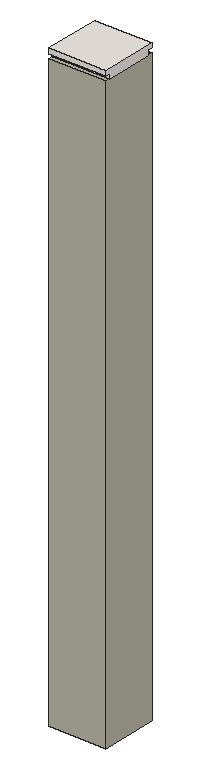
Revit family "f5844f0c4c224b90a00d78c3b3f6b384", category Furniture Systems, Revit 2021
Family settings
  Round Connector Dimension = Use Diameter
  Part Type = Normal
  OmniClass Number = 23.40.70.14.64.21
  OmniClass Title = Systems Furniture
  Work Plane-Based = No
  Always vertical = Yes
  Cut with Voids When Loaded = No
  Shared = No
  Room Calculation Point = No
Parameters (values of type "3" x 36"")
  Type Comments = "3\" x 36\" Square Transition Post"
  Thickness = 3"
  Panel Material [instance] = Fabric - Plaid Beige
  Model = ""
  Manufacturer = ""
  Height = 36"
  Edge Material [instance] = Metal - Paint Linen
  Description = ""
  Default Elevation = 0"
Types (3): name | Type Comments | Height
  3" x 42" | "3\" x 42\" Square Transition Post" | 42"
  3" x 60" | "3\" x 60\" Square Transition Post" | 60"
  3" x 36" | "3\" x 36\" Square Transition Post" | 36"
Reference planes (in)
  plane 1 "Center F/B": y = 0
  plane 2: z = 0
  plane 3 "Center L/R": x = 0
  plane 4 "Front": y = -1.5
  plane 5 "Left": x = -1.5
  plane 6 "Top": z = 36
  plane 7 "Bottom": z = 4
  plane 8: z = 35.5
  plane 9 "Right": x = 1.5
  plane 10: y = 1.5
  plane 11: z = 35.75
  plane 12: z = 0.25
Forms (in)
  Extrusion 1, solid, material "Fabric - Plaid Beige" <- "Panel Material"
    sketch origin (0, 0, 0) x (1, 0, 0) y (0, 1, 0)
      loop
        line (-1.5, 1.5) -> (-1.5, -1.5) -> (1.5, -1.5) -> (1.5, 1.5) -> (-1.5, 1.5)
    from 4 to 35.5
  Extrusion 2, solid, material "Metal - Paint Linen" <- "Edge Material"
    sketch origin (0, 0, 0) x (0, 1, 0) y (0, 0, 1)
      loop
        line (1.5, 36) -> (-1.5, 36) -> (-1.5, 35.75) -> (-1.25, 35.75) -> (-1.25, 35.5) -> (1.25, 35.5) -> (1.25, 35.75) -> (1.5, 35.75) -> (1.5, 36)
    from -1.5 to 1.5
Lines and regions (in)
  Masking region 1
    outline origin (0, 0, 0) x (1, 0, 0) y (0, 1, 0)
      loop
        line (-1.5, 1.5) -> (-1.5, -1.5) -> (1.5, -1.5) -> (1.5, 1.5) -> (-1.5, 1.5)
Dimensions and locks (in)
  "Thickness": plane 5 "Left" to plane 9 "Right"
  plane 7 "Bottom" to plane 2 = 4"
  "Height": plane 6 "Top" to plane 2
  locked: plane 6 "Top" to plane 8 at 0.5
  "Thickness": plane 10 to plane 4 "Front"
  equal spacing: plane 10, plane 1 "Center F/B", plane 4 "Front"
  equal spacing: plane 6 "Top", plane 11, plane 8
  locked: plane 10 to Extrusion 2 sketch curve at 0.25
  locked: Extrusion 2 sketch curve to plane 4 "Front" at 0.25
  locked: plane 12 to level at 0.25
  equal spacing: plane 5 "Left", plane 3 "Center L/R", plane 9 "Right"
  aligned and locked: level to plane 2
  aligned and locked: Extrusion 1 sketch curve to plane 10
  aligned and locked: plane 5 "Left" to Extrusion 1 sketch curve
  aligned and locked: plane 4 "Front" to Extrusion 1 sketch curve
  aligned and locked: Extrusion 1 to plane 7 "Bottom"
  aligned and locked: plane 8 to Extrusion 1
  aligned and locked: plane 8 to Extrusion 2 sketch curve
  aligned and locked: plane 11 to Extrusion 2 sketch curve  (x2)
  aligned and locked: Extrusion 2 sketch curve to plane 6 "Top"
  aligned and locked: plane 4 "Front" to Extrusion 2 sketch curve
  aligned and locked: Extrusion 2 sketch curve to plane 10
  aligned: plane 3 "Center L/R" to Extrusion 2
  aligned and locked: Extrusion 2 to plane 5 "Left"
  aligned and locked: plane 5 "Left" to Masking region 1 sketch curve
  aligned and locked: plane 4 "Front" to Masking region 1 sketch curve
  aligned and locked: Masking region 1 sketch curve to plane 10
  aligned and locked: Extrusion 2 to plane 9 "Right"
  aligned and locked: plane 9 "Right" to Masking region 1 sketch curve
  aligned and locked: plane 9 "Right" to Extrusion 1 sketch curve
